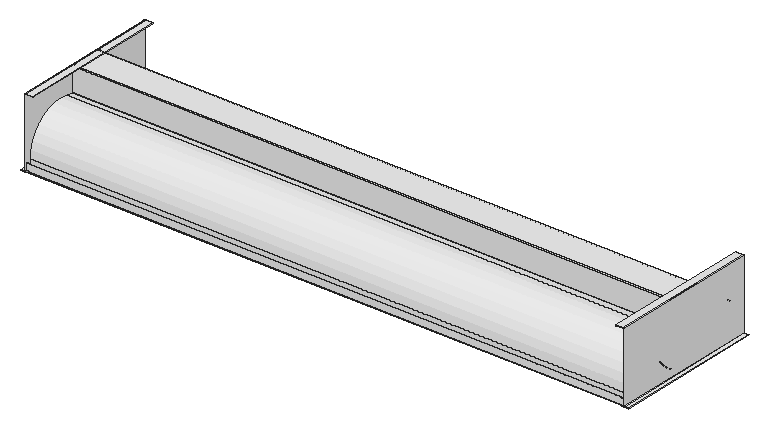
Revit family "LRTM1x4", category Lighting Fixtures, host Ceiling, Revit 2019
Family settings
  Host = Ceiling
  Round Connector Dimension = Use Diameter
  Part Type = Normal
  OmniClass Number = 23.80.70.11.14.17
  OmniClass Title = Direct/Indirect
  Always vertical = Yes
  Cut with Voids When Loaded = No
  Light Source = Yes
  Shared = No
  Room Calculation Point = No
Parameters (values of type "LRTM1x4-LED840K031LUNV")
  Width = 0' - 11 3/4"
  Wattage = 38 W
  built-in parameter 1150110 = 1 (stored number, unit not read)
  Voltage = 120 V
  URL = "https://www.viscor.com/en/products/lrtm"
  built-in parameter 1114217 = 0.9 (stored number, unit not read)
  Tilt Angle = 90.00°
  built-in parameter 1150109 = 1 (stored number, unit not read)
  built-in parameter 1150134 = (empty or 0)
  built-in parameter 1150113 = 1 (stored number, unit not read)
  Reflector Width = Width / 2  # 0' - 5 7/8"
  Photometric Web File = "LRTM1x4-LED835K031LUNV.ies"
  Model = "LRTM"  # constant formula
  Manufacturer = "VISIONEERING by VISCOR"  # constant formula
  Lumens = 2774 lm
  built-in parameter 1150115 = 1 (stored number, unit not read)
  built-in parameter 1150105 = 220.75 (stored number, unit not read)
  built-in parameter 1150137 = (empty or 0)
  built-in parameter 1150139 = (empty or 0)
  Lens Finish = Acrylic - Viscor - Opal White
  Length = 3' - 11 3/4"
  Lamp Wattage = 38 VA
  built-in parameter 1150112 = 1 (stored number, unit not read)
  built-in parameter 1150114 = 1 (stored number, unit not read)
  Lamp = "LED"  # constant formula
  built-in parameter 1150132 = (empty or 0)
  built-in parameter 1150102 = (empty or 0)
  built-in parameter 1150138 = (empty or 0)
  built-in parameter 1150107 = 3500 (stored number, unit not read)
  built-in parameter 1150106 = 2.2075 (stored number, unit not read)
  Housing Finish = Metal - Viscor - White
  Emit from Rectangle Width = Width  # 0' - 11 3/4"
  Emit from Rectangle Length = Length  # 3' - 11 3/4"
  Emit Shape Visible in Rendering = no
  built-in parameter 1150104 = 6.7819 (stored number, unit not read)
  Dimming Lamp Color Temperature Shift = <None>
  Description = "LED Troffer Dish Center Basket"  # constant formula
  Color Filter = 16777215
  Basket Finish = Metal - Viscor - White Perforated Shield
  built-in parameter 1114218 = 1 (stored number, unit not read)
  built-in parameter 1150133 = 10 (stored number, unit not read)
  Assembly Code = "D5020200"
  Apparent Load = Lamp Wattage  # 38 VA
Reference planes (in)
  plane 1 "Light Source Axis (F/B)": y = 0
  plane 2 "Ceiling": z = 96
  plane 3 "Light Source Axis (L/R)": x = 0
  plane 4 "Light Source Elevation": z = 95.96875
  plane 5: y = 5.875
  plane 6: y = -5.875
  plane 7: x = -23.875
  plane 8: x = 23.875
  plane 9: x = -23.8125
  plane 10: x = 23.8125
  plane 11: y = 5.469
  plane 12: y = -5.469
  plane 13: x = -23.479
  plane 14: x = 23.479
Forms (in)
  Extrusion 1, solid, material "Metal - Viscor - White" <- "Housing Finish"
    sketch origin (0, 0, 0) x (1, 0, 0) y (0, 0, 1)
      loop
        line (-23.87642, 96) -> (-23.55442, 96)
        arc (-23.55442, 96) -> (-23.50563, 96.02021) -> (-23.48542, 96.069) r 0.069
        line (-23.48542, 96.069) -> (-23.48542, 101.461)
        arc (-23.48542, 101.461) -> (-23.47399, 101.48858) -> (-23.44642, 101.5) r 0.039
        line (-23.44642, 101.5) -> (-22.88342, 101.5) -> (-22.88342, 101.53125) -> (-23.44642, 101.53125)
        arc (-23.44642, 101.53125) -> (-23.49609, 101.51067) -> (-23.51667, 101.461) r 0.07025
        line (-23.51667, 101.461) -> (-23.51667, 96.069)
        arc (-23.51667, 96.069) -> (-23.52772, 96.04231) -> (-23.55442, 96.03125) r 0.03775
        line (-23.55442, 96.03125) -> (-23.87642, 96.03125) -> (-23.87642, 96)
    from -5.875 to 5.875
  Extrusion 2, solid, material "Metal - Viscor - White" <- "Housing Finish"
    sketch origin (0, 0, 0) x (-1, 0, 0) y (0, 0, -1)
      loop
        line (-23.87642, -96) -> (-23.87642, -96.03125) -> (-23.55442, -96.03125)
        arc (-23.55442, -96.03125) -> (-23.52772, -96.04231) -> (-23.51667, -96.069) r 0.03775
        line (-23.51667, -96.069) -> (-23.51667, -101.461)
        arc (-23.51667, -101.461) -> (-23.49609, -101.51067) -> (-23.44642, -101.53125) r 0.07025
        line (-23.44642, -101.53125) -> (-22.88342, -101.53125) -> (-22.88342, -101.5) -> (-23.44642, -101.5)
        arc (-23.44642, -101.5) -> (-23.47399, -101.48858) -> (-23.48542, -101.461) r 0.039
        line (-23.48542, -101.461) -> (-23.48542, -96.069)
        arc (-23.48542, -96.069) -> (-23.50563, -96.02021) -> (-23.55442, -96) r 0.069
        line (-23.55442, -96) -> (-23.87642, -96)
    from -5.875 to 5.875
  Extrusion 3, solid, material "Metal - Viscor - White" <- "Housing Finish"
    sketch origin (0, 0, 0) x (0, 1, 0) y (0, 0, 1)
      loop
        arc (5.8305, 96.062) -> (5.81908, 96.03442) -> (5.7915, 96.023) r 0.039
        line (5.7915, 96.023) -> (5.5095, 96.023)
        arc (5.5095, 96.023) -> (5.48192, 96.03442) -> (5.4705, 96.062) r 0.039
        line (5.4705, 96.062) -> (5.4705, 96.75)
        arc (5.4705, 96.75) -> (4.39704, 99.04812) -> (1.94571, 99.69981) r 2.9967
        line (1.94571, 99.69981) -> (1.28037, 99.5807)
        arc (1.28037, 99.5807) -> (1.24847, 99.58918) -> (1.2345, 99.61909) r 0.039
        line (1.2345, 99.61909) -> (1.2345, 100.1929) -> (1.20325, 100.1929) -> (1.20325, 99.61909)
        arc (1.20325, 99.61909) -> (1.22841, 99.56521) -> (1.28588, 99.54993) r 0.07025
        line (1.28588, 99.54993) -> (1.95122, 99.66905)
        arc (1.95122, 99.66905) -> (4.37698, 99.02416) -> (5.43925, 96.75) r 2.96545
        line (5.43925, 96.75) -> (5.43925, 96.062)
        arc (5.43925, 96.062) -> (5.45983, 96.01233) -> (5.5095, 95.99175) r 0.07025
        line (5.5095, 95.99175) -> (5.7915, 95.99175)
        arc (5.7915, 95.99175) -> (5.84117, 96.01233) -> (5.86175, 96.062) r 0.07025
        line (5.86175, 96.062) -> (5.86175, 96.625) -> (5.8305, 96.625) -> (5.8305, 96.062)
    from -23.479 to 23.479
  Extrusion 4, solid, material "Metal - Viscor - White" <- "Housing Finish"
    sketch origin (0, 0, 0) x (0, -1, 0) y (0, 0, -1)
      loop
        line (5.8305, -96.062) -> (5.8305, -96.625) -> (5.86175, -96.625) -> (5.86175, -96.062)
        arc (5.86175, -96.062) -> (5.84117, -96.01233) -> (5.7915, -95.99175) r 0.07025
        line (5.7915, -95.99175) -> (5.5095, -95.99175)
        arc (5.5095, -95.99175) -> (5.45983, -96.01233) -> (5.43925, -96.062) r 0.07025
        line (5.43925, -96.062) -> (5.43925, -96.75)
        arc (5.43925, -96.75) -> (4.37698, -99.02416) -> (1.95122, -99.66905) r 2.96545
        line (1.95122, -99.66905) -> (1.28588, -99.54993)
        arc (1.28588, -99.54993) -> (1.22841, -99.56521) -> (1.20325, -99.61909) r 0.07025
        line (1.20325, -99.61909) -> (1.20325, -100.1929) -> (1.2345, -100.1929) -> (1.2345, -99.61909)
        arc (1.2345, -99.61909) -> (1.24847, -99.58918) -> (1.28037, -99.5807) r 0.039
        line (1.28037, -99.5807) -> (1.94571, -99.69981)
        arc (1.94571, -99.69981) -> (4.39704, -99.04812) -> (5.4705, -96.75) r 2.9967
        line (5.4705, -96.75) -> (5.4705, -96.062)
        arc (5.4705, -96.062) -> (5.48192, -96.03442) -> (5.5095, -96.023) r 0.039
        line (5.5095, -96.023) -> (5.7915, -96.023)
        arc (5.7915, -96.023) -> (5.81908, -96.03442) -> (5.8305, -96.062) r 0.039
    from -23.479 to 23.479
  Extrusion 5, solid
    sketch origin (0, 0, 0) x (0, 1, 0) y (0, 0, 1)
      loop
        line (1.25, 99.04317) -> (1.25, 99.48517) -> (1.21875, 99.48517) -> (1.21875, 99.04317)
        arc (1.21875, 99.04317) -> (1.20974, 99.02143) -> (1.188, 99.01242) r 0.03075
        line (1.188, 99.01242) -> (-1.188, 99.01242)
        arc (-1.188, 99.01242) -> (-1.20974, 99.02143) -> (-1.21875, 99.04317) r 0.03075
        line (-1.21875, 99.04317) -> (-1.21875, 99.48517) -> (-1.25, 99.48517) -> (-1.25, 99.04317)
        arc (-1.25, 99.04317) -> (-1.23184, 98.99933) -> (-1.188, 98.98117) r 0.062
        line (-1.188, 98.98117) -> (1.188, 98.98117)
        arc (1.188, 98.98117) -> (1.23184, 98.99933) -> (1.25, 99.04317) r 0.062
    from -23.479 to 23.479
  Extrusion 6, solid, material "Metal - Viscor - White" <- "Housing Finish"
    sketch origin (0, 0, 0) x (0, 1, 0) y (0, 0, 1)
      loop
        line (1.28125, 99.595) -> (1.28125, 101.431)
        arc (1.28125, 101.431) -> (1.26104, 101.47979) -> (1.21225, 101.5) r 0.069
        line (1.21225, 101.5) -> (-1.21225, 101.5)
        arc (-1.21225, 101.5) -> (-1.26104, 101.47979) -> (-1.28125, 101.431) r 0.069
        line (-1.28125, 101.431) -> (-1.28125, 99.595) -> (-1.25, 99.595) -> (-1.25, 101.431)
        arc (-1.25, 101.431) -> (-1.23894, 101.45769) -> (-1.21225, 101.46875) r 0.03775
        line (-1.21225, 101.46875) -> (1.21225, 101.46875)
        arc (1.21225, 101.46875) -> (1.23894, 101.45769) -> (1.25, 101.431) r 0.03775
        line (1.25, 101.431) -> (1.25, 99.595) -> (1.28125, 99.595)
    from -23.479 to 23.479
  Extrusion 7, solid, material "Metal - Viscor - White Perforated Shield" <- "Basket Finish"
    sketch origin (0, 0, 0) x (0, 1, 0) y (0, 0, 1)
      loop
        line (2.806, 98.95993) -> (2.499, 98.95993) -> (2.499, 98.92868) -> (2.806, 98.92868)
        arc (2.806, 98.92868) -> (2.83452, 98.91565) -> (2.84337, 98.88557) r 0.03775
        line (2.84337, 98.88557) -> (2.82568, 98.76217)
        arc (2.82568, 98.76217) -> (0, 96.36618) -> (-2.82568, 98.76217) r 2.86421
        line (-2.82568, 98.76217) -> (-2.84337, 98.88557)
        arc (-2.84337, 98.88557) -> (-2.83452, 98.91565) -> (-2.806, 98.92868) r 0.03775
        line (-2.806, 98.92868) -> (-2.499, 98.92868) -> (-2.499, 98.95993) -> (-2.806, 98.95993)
        arc (-2.806, 98.95993) -> (-2.85814, 98.93612) -> (-2.8743, 98.88114) r 0.069
        line (-2.8743, 98.88114) -> (-2.85657, 98.7574)
        arc (-2.85657, 98.7574) -> (0, 96.33493) -> (2.85657, 98.7574) r 2.89546
        line (2.85657, 98.7574) -> (2.8743, 98.88114)
        arc (2.8743, 98.88114) -> (2.85814, 98.93612) -> (2.806, 98.95993) r 0.069
    from -23.479 to 23.479
  Extrusion 8, solid, material "Acrylic - Viscor - Opal White" <- "Lens Finish"
    sketch origin (0, 0, 0) x (0, 1, 0) y (0, 0, 1)
      loop
        line (2.81624, 98.8637) -> (2.80221, 98.7658)
        arc (2.80221, 98.7658) -> (0, 96.38993) -> (-2.80221, 98.7658) r 2.84046
        line (-2.80221, 98.7658) -> (-2.81624, 98.8637) -> (-2.84717, 98.85926) -> (-2.83309, 98.76103)
        arc (-2.83309, 98.76103) -> (0, 96.35868) -> (2.83309, 98.76103) r 2.87171
        line (2.83309, 98.76103) -> (2.84717, 98.85926) -> (2.81624, 98.8637)
    from -23.479 to 23.479
  Extrusion 9, void
    sketch origin (0, 0, 96) x (1, 0, 0) y (0, 1, 0)
      loop
        line (-23.875, -5.875) -> (23.8125, -5.875) -> (23.8125, 5.875) -> (-23.875, 5.875) -> (-23.875, -5.875)
    from -0.19597 to 6.85602
Dimensions and locks (in)
  equal spacing: host sketch curve, plane 3 "Light Source Axis (L/R)", host sketch curve
  equal spacing: host sketch curve, plane 1 "Light Source Axis (F/B)", host sketch curve
  host sketch curve to host sketch curve = 10' - 0"  (x2)
  equal spacing: plane 7, plane 3 "Light Source Axis (L/R)", plane 8
  "Length": plane 7 to plane 8
  equal spacing: plane 5, plane 1 "Light Source Axis (F/B)", plane 6
  "Width": plane 5 to plane 6
  plane 4 "Light Source Elevation" to plane 2 "Ceiling" = 0' - 0 1/32"
  locked: plane 7 to plane 9 at 0.0625
  locked: plane 10 to plane 8 at 0.0625
  locked: plane 7 to plane 13 at 0.396
  locked: plane 14 to plane 8 at 0.396
  locked: plane 12 to plane 6 at 0.406
  locked: plane 5 to plane 11 at 0.406
  aligned and locked: plane 3 "Light Source Axis (L/R)" to imposter light
  aligned and locked: plane 1 "Light Source Axis (F/B)" to imposter light
  aligned and locked: plane 4 "Light Source Elevation" to imposter light
  aligned and locked: plane 5 to Extrusion 1
  aligned and locked: Extrusion 1 to plane 6
  aligned and locked: plane 5 to Extrusion 2
  aligned and locked: Extrusion 2 to plane 6
  aligned and locked: Extrusion 3 to plane 13
  aligned and locked: plane 14 to Extrusion 3
  aligned and locked: Extrusion 4 to plane 13
  aligned and locked: plane 14 to Extrusion 4
  aligned and locked: Extrusion 5 to plane 13
  aligned and locked: plane 14 to Extrusion 5
  aligned and locked: Extrusion 6 to plane 13
  aligned and locked: plane 14 to Extrusion 6
  aligned and locked: Extrusion 7 to plane 13
  aligned and locked: plane 14 to Extrusion 7
  aligned and locked: Extrusion 8 to plane 13
  aligned and locked: plane 14 to Extrusion 8
  aligned and locked: Extrusion 9 to imposter light
  aligned and locked: Extrusion 9 to plane 6
  aligned and locked: Extrusion 9 to plane 7
  aligned and locked: plane 10 to Extrusion 9
Automatic sketch dimensions
  Extrusion 1 sketch curve to Extrusion 1 sketch curve = 0' - 0"  (x4)
  Extrusion 1 sketch curve to plane 2 "Ceiling" = 0' - 0"
  Extrusion 1 sketch curve to plane 7 = 0' - 0.00142"
  Extrusion 1 sketch curve to plane 13 = 0' - 0.07542"
  Extrusion 1 sketch curve to plane 13 = 0' - 0.03767"
  Extrusion 1 sketch curve to plane 13 = 0' - 0.00642"
  plane 13 to Extrusion 1 sketch curve = 0' - 0.03258"
  Extrusion 1 sketch curve to Extrusion 1 sketch curve = 0' - 0.563"
  Extrusion 1 sketch curve to Extrusion 1 sketch curve = 0' - 5.392"
  Extrusion 2 sketch curve to Extrusion 2 sketch curve = 0' - 0"  (x4)
  Extrusion 2 sketch curve to plane 2 "Ceiling" = 0' - 0"
  Extrusion 2 sketch curve to plane 8 = 0' - 0.00142"
  Extrusion 2 sketch curve to plane 14 = 0' - 0.07542"
  Extrusion 2 sketch curve to plane 14 = 0' - 0.03767"
  Extrusion 2 sketch curve to plane 14 = 0' - 0.00642"
  plane 14 to Extrusion 2 sketch curve = 0' - 0.03258"
  Extrusion 2 sketch curve to Extrusion 2 sketch curve = 0' - 0.563"
  Extrusion 2 sketch curve to Extrusion 2 sketch curve = 0' - 5.392"
  Extrusion 3 sketch curve to Extrusion 3 sketch curve = 0' - 0"  (x8)
  Extrusion 3 sketch curve to plane 1 "Light Source Axis (F/B)" = 0' - 1.20325"
  Extrusion 3 sketch curve to Extrusion 3 sketch curve = 0' - 0 1/32"
  Extrusion 3 sketch curve to Extrusion 3 sketch curve = 0' - 0.039"  (x3)
  Extrusion 3 sketch curve to Extrusion 3 sketch curve = 0' - 0.00687"
  Extrusion 3 sketch curve to Extrusion 3 sketch curve = 0' - 0.00551"  (x2)
  Extrusion 3 sketch curve to Extrusion 3 sketch curve = 0' - 0.66534"
  plane 2 "Ceiling" to Extrusion 3 sketch curve = 0' - 0 3/4"
  Extrusion 3 sketch curve to plane 1 "Light Source Axis (F/B)" = 0' - 2.4738"
  Extrusion 3 sketch curve to plane 11 = 0' - 0.02975"
  plane 11 to Extrusion 3 sketch curve = 0' - 0.0015"
  Extrusion 3 sketch curve to plane 5 = 0' - 0.0835"
  Extrusion 3 sketch curve to Extrusion 3 sketch curve = 0' - 0 1/8"
  plane 2 "Ceiling" to Extrusion 3 sketch curve = 0' - 0.062"
  Extrusion 3 sketch curve to Extrusion 3 sketch curve = 0' - 0.11911"
  Extrusion 3 sketch curve to Extrusion 3 sketch curve = 0' - 0.57381"
  Extrusion 4 sketch curve to Extrusion 4 sketch curve = 0' - 0"  (x8)
  Extrusion 4 sketch curve to plane 1 "Light Source Axis (F/B)" = 0' - 1.20325"
  Extrusion 4 sketch curve to Extrusion 4 sketch curve = 0' - 0 1/32"
  Extrusion 4 sketch curve to Extrusion 4 sketch curve = 0' - 0.039"  (x3)
  Extrusion 4 sketch curve to Extrusion 4 sketch curve = 0' - 0.00687"
  Extrusion 4 sketch curve to Extrusion 4 sketch curve = 0' - 0.00551"  (x2)
  Extrusion 4 sketch curve to Extrusion 4 sketch curve = 0' - 0.66534"
  Extrusion 4 sketch curve to plane 2 "Ceiling" = 0' - 0 3/4"
  Extrusion 4 sketch curve to plane 1 "Light Source Axis (F/B)" = 0' - 2.4738"
  Extrusion 4 sketch curve to plane 12 = 0' - 0.02975"
  plane 12 to Extrusion 4 sketch curve = 0' - 0.0015"
  Extrusion 4 sketch curve to plane 6 = 0' - 0.0835"
  Extrusion 4 sketch curve to Extrusion 4 sketch curve = 0' - 0 1/8"
  Extrusion 4 sketch curve to plane 2 "Ceiling" = 0' - 0.062"
  Extrusion 4 sketch curve to Extrusion 4 sketch curve = 0' - 0.11911"
  Extrusion 4 sketch curve to Extrusion 4 sketch curve = 0' - 0.57381"
  Extrusion 5 sketch curve to Extrusion 5 sketch curve = 0' - 0"  (x4)
  plane 1 "Light Source Axis (F/B)" to Extrusion 5 sketch curve = 0' - 1 1/4"
  Extrusion 5 sketch curve to Extrusion 5 sketch curve = 0' - 0 1/32"
  Extrusion 5 sketch curve to Extrusion 5 sketch curve = 0' - 0.03075"  (x2)
  Extrusion 5 sketch curve to plane 1 "Light Source Axis (F/B)" = 0' - 1.188"
  plane 2 "Ceiling" to Extrusion 5 sketch curve = 0' - 2.98117"
  Extrusion 5 sketch curve to Extrusion 5 sketch curve = 0' - 0.442"  (x2)
  Extrusion 6 sketch curve to Extrusion 6 sketch curve = 0' - 0"  (x4)
  plane 1 "Light Source Axis (F/B)" to Extrusion 6 sketch curve = 0' - 1 9/32"
  Extrusion 6 sketch curve to Extrusion 6 sketch curve = 0' - 0 1/32"
  Extrusion 6 sketch curve to Extrusion 6 sketch curve = 0' - 0.03775"  (x2)
  Extrusion 6 sketch curve to plane 1 "Light Source Axis (F/B)" = 0' - 1.21225"
  plane 2 "Ceiling" to Extrusion 6 sketch curve = 0' - 3.595"
  Extrusion 6 sketch curve to Extrusion 6 sketch curve = 0' - 1.836"  (x2)
  Extrusion 7 sketch curve to Extrusion 7 sketch curve = 0' - 0"  (x6)
  Extrusion 7 sketch curve to plane 1 "Light Source Axis (F/B)" = 0' - 0"
  plane 1 "Light Source Axis (F/B)" to Extrusion 7 sketch curve = 0' - 2.499"
  Extrusion 7 sketch curve to Extrusion 7 sketch curve = 0' - 0.307"  (x2)
  Extrusion 7 sketch curve to Extrusion 7 sketch curve = 0' - 0.01968"  (x2)
  Extrusion 7 sketch curve to Extrusion 7 sketch curve = 0' - 0.03737"  (x2)
  Extrusion 7 sketch curve to Extrusion 7 sketch curve = 0' - 0.03089"  (x2)
  Extrusion 7 sketch curve to Extrusion 7 sketch curve = 0' - 0.03093"  (x2)
  Extrusion 7 sketch curve to plane 11 = 0' - 2.663"
  plane 2 "Ceiling" to Extrusion 7 sketch curve = 0' - 2.7574"
  Extrusion 7 sketch curve to Extrusion 7 sketch curve = 0' - 0.00477"
  Extrusion 7 sketch curve to Extrusion 7 sketch curve = 0' - 0.12374"  (x2)
  Extrusion 7 sketch curve to Extrusion 7 sketch curve = 0' - 0.00443"  (x2)
  Extrusion 7 sketch curve to Extrusion 7 sketch curve = 0' - 0.00536"  (x2)
  Extrusion 7 sketch curve to Extrusion 7 sketch curve = 0' - 0.27046"
  Extrusion 8 sketch curve to Extrusion 8 sketch curve = 0' - 0"  (x2)
  Extrusion 8 sketch curve to plane 1 "Light Source Axis (F/B)" = 0' - 0"
  plane 12 to Extrusion 8 sketch curve = 0' - 2.66679"
  Extrusion 8 sketch curve to Extrusion 8 sketch curve = 0' - 0.01403"  (x2)
  Extrusion 8 sketch curve to Extrusion 8 sketch curve = 0' - 0.03089"  (x2)
  Extrusion 8 sketch curve to Extrusion 8 sketch curve = 0' - 0.03093"  (x2)
  plane 2 "Ceiling" to Extrusion 8 sketch curve = 0' - 2.76103"
  Extrusion 8 sketch curve to Extrusion 8 sketch curve = 0' - 0.00477"
  Extrusion 8 sketch curve to Extrusion 8 sketch curve = 0' - 0.36669"
  Extrusion 8 sketch curve to Extrusion 8 sketch curve = 0' - 0.00443"
  Extrusion 9 sketch curve to plane 7 = 0' - 0"
  Extrusion 9 sketch curve to plane 8 = 0' - 0 1/16"
  Extrusion 9 sketch curve to plane 6 = 0' - 0"
  plane 6 to Extrusion 9 sketch curve = 0' - 11 3/4"
Connectors (in)
  electrical at (0, 0, 96), driven by "Voltage", driven by "Apparent Load"
    settings: index 1, voltage 120 V, apparent load 0 VA, apparent load phase1 38 VA, apparent load phase2 0 VA, apparent load phase3 0 VA, power factor 1, load classification "Other", number of poles 1, system type 31, power factor state 1, is connector primary yes, connector utility no, sub classification motor no, connector description ""
